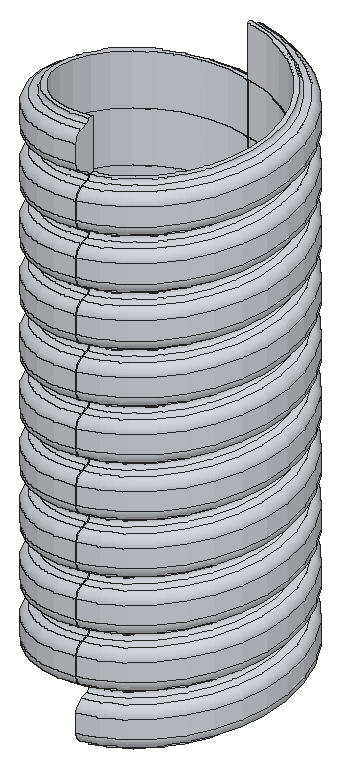
Revit family "110611-00008", category Обобщенные модели, Revit 2019 (continued)
Automatic sketch dimensions
  SweptBlend 20 sketch curve to SweptBlend 20 sketch curve = 2.5 mm  (x2)
  SweptBlend 20 sketch curve to SweptBlend 20 sketch curve = 1.271 mm  (x2)
  SweptBlend 20 sketch curve to SweptBlend 20 sketch curve = 0.338 mm  (x2)
  profile plane to SweptBlend 20 sketch curve = 29.914 mm
  profile plane to SweptBlend 21 sketch curve = 2.9 mm  (x2)
  profile plane to SweptBlend 21 sketch curve = 1.255 mm  (x4)
  profile plane to SweptBlend 21 sketch curve = 0.4 mm  (x4)
  SweptBlend 21 sketch curve to profile plane = 0.016 mm  (x4)
  SweptBlend 21 sketch curve to profile plane = 0.354 mm  (x4)
  SweptBlend 21 sketch curve to SweptBlend 21 sketch curve = 0.984 mm  (x4)
  SweptBlend 21 sketch curve to SweptBlend 21 sketch curve = 1.1 mm  (x2)
  profile plane to SweptBlend 21 sketch curve = 29.427 mm
  SweptBlend 21 sketch curve to SweptBlend 21 sketch curve = 0.087 mm  (x2)
  SweptBlend 21 sketch curve to SweptBlend 21 sketch curve = 0.586 mm  (x4)
  SweptBlend 21 sketch curve to SweptBlend 21 sketch curve = 4.399 mm  (x2)
  SweptBlend 21 sketch curve to SweptBlend 21 sketch curve = 0.928 mm  (x2)
  SweptBlend 21 sketch curve to SweptBlend 21 sketch curve = 0 mm  (x2)
  profile plane to SweptBlend 21 sketch curve = 42.214 mm
  profile plane to SweptBlend 22 sketch curve = 2.9 mm  (x2)
  profile plane to SweptBlend 22 sketch curve = 1.255 mm  (x2)
  profile plane to SweptBlend 22 sketch curve = 0.4 mm  (x2)
  SweptBlend 22 sketch curve to profile plane = 0.016 mm  (x2)
  SweptBlend 22 sketch curve to profile plane = 0.354 mm  (x2)
  SweptBlend 22 sketch curve to SweptBlend 22 sketch curve = 0.984 mm  (x4)
  SweptBlend 22 sketch curve to SweptBlend 22 sketch curve = 1.1 mm  (x2)
  profile plane to SweptBlend 22 sketch curve = 41.727 mm
  SweptBlend 22 sketch curve to SweptBlend 22 sketch curve = 0.087 mm  (x2)
  SweptBlend 22 sketch curve to SweptBlend 22 sketch curve = 0.586 mm  (x4)
  SweptBlend 22 sketch curve to SweptBlend 22 sketch curve = 4.399 mm  (x2)
  SweptBlend 22 sketch curve to SweptBlend 22 sketch curve = 0.928 mm  (x2)
  SweptBlend 22 sketch curve to SweptBlend 22 sketch curve = 0 mm  (x2)
  SweptBlend 22 sketch curve to SweptBlend 22 sketch curve = 1.645 mm  (x2)
  SweptBlend 22 sketch curve to SweptBlend 22 sketch curve = 2.5 mm  (x2)
  SweptBlend 22 sketch curve to SweptBlend 22 sketch curve = 1.271 mm  (x2)
  SweptBlend 22 sketch curve to SweptBlend 22 sketch curve = 0.338 mm  (x2)
  profile plane to SweptBlend 22 sketch curve = 29.914 mm
